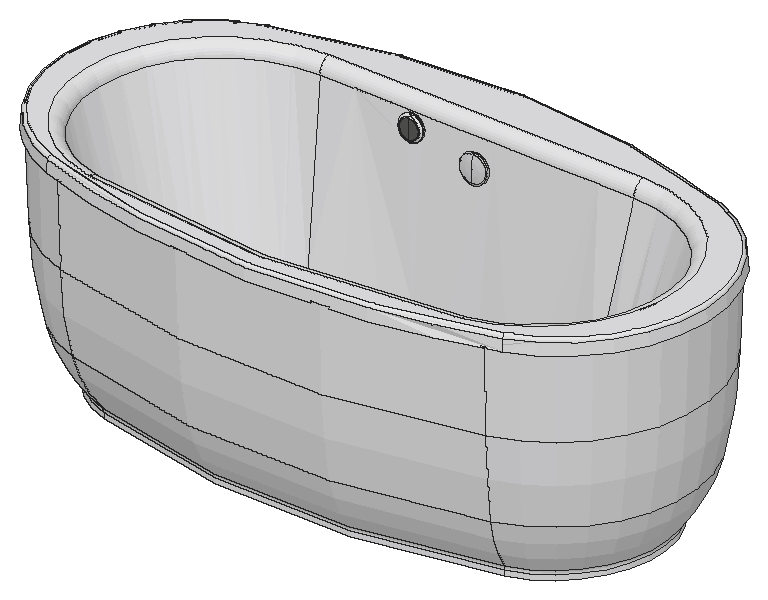
Revit family "Bath-Freestanding-Heated_Surface-KOHLER-Sunstruck-K-6369", category Plumbing Fixtures, host Face, Revit 2015
Parameters (values of type "0-White")
  Width = 35 1/2"  # constant formula
  Waste Water Outlet = "Waste Water Outlet"  # constant formula
  Waste Connection = 1 = 1  # yes
  Voltage = 120 V  # constant formula
  Vent Connection = 1 = 0  # no
  URL = "https://www.us.kohler.com/us/"
  Type = 1
  Pump Electrical Connector = "Pump Electrical Connector"  # constant formula
  Product Page URL = "http://www.us.kohler.com/us/catalog/productDetails.jsp?productNumber=6369-W1"
  Product Name = "Sunstruck"  # constant formula
  Product Documentation Link = "http://www.us.kohler.com/onlinecatalog/pdf/K-6369-W1_spec.pdf"
  Model = if(Type = 1, "K-6369-W1-0", if(Type = 2, "K-6369-W1-96", "NA"))  # "K-6369-W1-0"
  Material = "Acrylic"  # constant formula
  MasterFormat 2004 = "22.41.19"  # constant formula
  MasterFormat 1995 = "15410"  # constant formula
  Manufacturer Address = "444 Highland Dr, Kohler, WI 53044"  # constant formula
  Manufacturer = "KOHLER Co."  # constant formula
  Length = 65 1/2"  # constant formula
  Hot Water Inlet = "Hot Water Inlet"  # constant formula
  Height = 24 1/2"  # constant formula
  Heater Electrical Connector = "Heater Electrical Connector"  # constant formula
  HW Connection = 1 = 0  # no
  Finish = Kohler-Acrylic-0-White
  Environmental Product Declaration = ""
  Electrical Note = "One dedicated circuit required, protected with Class A Ground-Fault Circuit-Interrupter (GFCI) or Residual Current Device (RCD)"  # constant formula
  Electrical Connector = 1 = 1  # yes
  Drain Included = 1 = 0  # no
  Description = "66inch x 36inch oval freestanding bath with Bask heated surface and fluted shroud "  # constant formula
  Default Elevation = 0"
  Declare Label = ""
  Date Modified = "12/19/2018"  # constant formula
  Date Created = "12/19/2018"  # constant formula
  Copyright = "Copyright KOHLER Co."  # constant formula
  Contact Us = "https://www.us.kohler.com/us/static/contact.jsp"
  Cold Water Inlet = "Cold Water Inlet"  # constant formula
  CW Connection = 1 = 0  # no
  Blower Electrical Connector = "Blower Electrical Connector"  # constant formula
  Assembly Code = "D2010500"
  Apparent Load = 1800 VA  # constant formula
  Amplifier Electrical Connector = "Amplifier Electrical Connector"  # constant formula
  ADA Compliant = 1 = 0  # no
Types (3): name | Type | Model | Finish
  (no name) | 1 | "K-6369-W1-0" | Kohler-Acrylic-0-White
  0-White | 1 | "K-6369-W1-0" | Kohler-Acrylic-0-White
  96-Biscuit | 2 | "K-6369-W1-96" | Kohler-Acrylic-96-Biscuit
Reference planes (in)
  plane 1 "Center (Front/Back)": y = 0
  plane 2: z = 0
  plane 3 "Center (Left/Right)": x = 0
  plane 4: y = 17.75
  plane 5: y = -17.75
  plane 6: x = -32.75
  plane 7: x = 32.75
  plane 8: y = 11.6875
  plane 9: y = -1.75
  plane 10: z = 24.5
Dimensions and locks (in)
  "Length": plane 6 to plane 7
  "Width": plane 5 to plane 4
  plane 8 to plane 4 = 6 1/16"
  plane 9 to plane 4 = 19 1/2"
  "Height": plane 10 to plane 2
  aligned and locked: plane 2 to host face
  aligned and locked: level to host face
Automatic sketch dimensions
  host sketch curve to host sketch curve = 96"  (x2)
Nested families (in)
  nested 1: "K-6369-W1" at (0, 0, 0), type "K-6369-W1"
Connectors (in)
  piping at (0, -1.75, 2.16901), diameter 1.5, driven by "Waste Connection", driven by "Waste Water Outlet"
    settings: on nested 1, index 1, connector inside diameter 24", connector length 0", flow factor 0, pipe flow 0 GPM, pressure drop 0.00 psi, fitting loss kfactor 0, connector angle 0.00°, fixture units 0, engagement length 0", angle of deflection 0.00°, flow configuration 0, flow direction 2, fitting loss method 0, system type 16, joint type 0, gender type 0, connector reference index -1, connector utility 1, adjustable connector no, is connector primary yes, connector description "Waste Water Outlet"
  electrical at (-6.48092, 13.7669, 3.14819), driven by "Voltage", driven by "Apparent Load", driven by "Electrical Connector", driven by "Heater Electrical Connector"
    settings: on nested 1, index 2, voltage 120 V, apparent load 1800 VA, apparent load phase1 0 VA, apparent load phase2 0 VA, apparent load phase3 0 VA, power factor 1, load classification "Power", number of poles 1, system type 30, power factor state 1, is connector primary yes, connector utility yes, sub classification motor no, connector description "Heater Electrical Connector"
Definition of nested family "K-6369-W1"
  Parameters (values of type "K-6369-W1")
    Material = none
    Drain material = none
  Reference planes (in)
    plane 1 "Center (Front/Back)": y = 0
    plane 2: z = 0
    plane 3 "Center (Left/Right)": x = 0
    plane 4: x = 32.75
    plane 5: z = 24.5
    plane 6 "A": x = -6.48092
    plane 7: z = 24.5
    plane 8: x = -32.75
    plane 9: y = 17.75
    plane 10: y = -17.75
    plane 11: y = 11.6875
    plane 12: y = -1.75
  Forms (in)
    Sweep 1, solid, material <- "Material", detail levels medium+fine
      path origin (0, -0.04277, 0) x (1, 0, 0) y (0, 1, 0)
        loop
          arc (21.72661, -14.69696) -> (32.60257, 0.04277) -> (21.72661, 14.78251) r 15.42605
          arc (21.72661, 14.78251) -> (-0.02801, 18.06389) -> (-21.78263, 14.78251) r 73.75415
          arc (-21.78263, 14.78251) -> (-32.6586, 0.04277) -> (-21.78263, -14.69696) r 15.42605
          arc (-21.78263, -14.69696) -> (-0.02801, -17.97834) -> (21.72661, -14.69696) r 73.75415
      profile origin (-0.02801, -18.02111, 0) x (0, -1, 0) y (0, 0, 1)
        loop
          line (-0.4345, 23.13802) -> (-0.93475, 23.13802) -> (-1.19445, 14.90118)
          arc (-1.19445, 14.90118) -> (-1.54469, 10.74957) -> (-2.32929, 6.65776) r 39.58955
          arc (-2.32929, 6.65776) -> (-3.33144, 3.94972) -> (-4.91176, 1.53304) r 12.87836
          arc (-4.91176, 1.53304) -> (-5.131, 1.14887) -> (-5.20709, 0.71314) r 1.28578
          line (-5.20709, 0.71314) -> (-5.20709, 0) -> (-4.88474, 0) -> (-4.88474, 0.51602)
          arc (-4.88474, 0.51602) -> (-4.83773, 0.77736) -> (-4.7026, 1.00595) r 0.75
          arc (-4.7026, 1.00595) -> (-2.9469, 3.60328) -> (-1.84387, 6.53789) r 13.37836
          arc (-1.84387, 6.53789) -> (-1.04936, 10.68138) -> (-0.6947, 14.88542) r 40.08955
          line (-0.6947, 14.88542) -> (-0.4345, 23.13802)
    Sweep 2, solid, material <- "Material", detail levels medium+fine
      path origin (0, -0.31152, 0) x (1, 0, 0) y (0, 1, 0)
        loop
          arc (-23.11404, -13.59407) -> (0, -17.43849) -> (23.11404, -13.59407) r 71.40724
          arc (23.11404, -13.59407) -> (32.75, 0.31152) -> (23.11404, 14.21712) r 14.85153
          arc (23.11404, 14.21712) -> (0, 18.06154) -> (-23.11404, 14.21712) r 71.40724
          arc (-23.11404, 14.21712) -> (-32.75, 0.31152) -> (-23.11404, -13.59407) r 14.85153
      profile origin (0, -17.75002, 0) x (0, 1, 0) y (0, 0, 1)
        loop
          line (0.00002, 23.01054) -> (0.11383, 23.01054) -> (0.2108, 24.11893)
          arc (0.2108, 24.11893) -> (0.29095, 24.28146) -> (0.45985, 24.34714) r 0.25
          line (0.45985, 24.34714) -> (0.61532, 24.34714) -> (0.61532, 24.5) -> (0.45098, 24.5)
          arc (0.45098, 24.5) -> (0.21457, 24.40807) -> (0.10238, 24.18057) r 0.34993
          line (0.10238, 24.18057) -> (0.00002, 23.01054)
    Sweep 3, solid, material <- "Material", detail levels medium+fine
      path origin (-0.65125, 0.37045, 0) x (1, 0, 0) y (0, 1, 0)
        loop
          arc (-13.80583, -12.20259) -> (0.30466, -13.64071) -> (14.40809, -12.13485) r 68.33389
          arc (14.40809, -12.13485) -> (22.61849, -2.05633) -> (14.545, 8.13219) r 10.37734
          arc (14.545, 8.13219) -> (0.24308, 9.71884) -> (-14.04948, 8.05002) r 63.60432
          arc (-14.04948, 8.05002) -> (-22.05987, -2.17412) -> (-13.80583, -12.20259) r 10.37154
      profile origin (-0.34659, -13.27026, 0) x (-0.002401, 0.999997, 0) y (0, 0, 1)
        loop
          line (-0.24, 6.51001) -> (-0.57074, 6.51001)
          arc (-0.57074, 6.51001) -> (0.5314, 4.46811) -> (2.71442, 3.68166) r 3.25
          line (2.71442, 3.68166) -> (3.01867, 3.68166) -> (3.01867, 4.03096) -> (2.71442, 4.03096)
          arc (2.71442, 4.03096) -> (0.78606, 4.73282) -> (-0.24, 6.51001) r 3
    Revolve 4, solid, material <- "Drain material", detail levels medium+fine
      sketch origin (0, -1.53027, -0.00106) x (0, 1, 0) y (0, 0, 1)
        loop
          line (13.43649, 20.42625) -> (12.55971, 20.48756)
          arc (12.55971, 20.48756) -> (12.54804, 19.82068) -> (12.6107, 19.15665) r 5.98011
          arc (12.6107, 19.15665) -> (12.6367, 19.1057) -> (12.68808, 19.08057) r 0.09037
          line (12.68808, 19.08057) -> (13.2483, 19.00565) -> (13.25711, 19.11625)
          arc (13.25711, 19.11625) -> (13.26951, 19.14061) -> (13.2958, 19.14811) r 0.03422
          line (13.2958, 19.14811) -> (13.34664, 19.14131) -> (13.43649, 20.42625)
        axis (12.55971, 20.48756) -> (13.43649, 20.42625)
      angle from 0 to 360
    Revolve 5, solid, material <- "Material", detail levels medium+fine
      sketch origin (0, 0, 0.0625) x (0, 1, 0) y (0, 0, 1)
        loop
          line (-1.75, 3.61916) -> (-1.75, 2.10651) -> (-1, 2.10651) -> (-1, 1.93586) -> (-0.80456, 1.93586) -> (-0.80456, 3.18586) -> (-0.44439, 3.18586)
          arc (-0.44439, 3.18586) -> (-0.27573, 3.2194) -> (-0.13275, 3.31494) r 0.44072
          line (-0.13275, 3.31494) -> (0.09371, 3.5414)
          arc (0.09371, 3.5414) -> (0.17783, 3.59812) -> (0.27708, 3.61916) r 0.2656
          line (0.27708, 3.61916) -> (-1.75, 3.61916)
        axis (-1.75, 3.61916) -> (-1.75, 1.93586)
      angle from 0 to 360
    Sweep 6, solid, material <- "Material", detail levels medium+fine
      path origin (0, 0, 0) x (1, 0, 0) y (0, 1, 0)
        loop
          arc (-15.91994, 11.6875) -> (-28.29768, 0.47984) -> (-18.37017, -12.94642) r 12.43882
          arc (-18.37017, -12.94642) -> (0.12996, -14.68833) -> (18.58936, -12.55759) r 89.15619
          arc (18.58936, -12.55759) -> (28.11574, 0.76078) -> (15.91994, 11.6875) r 12.2695
          line (15.91994, 11.6875) -> (-15.91994, 11.6875)
      profile origin (0, 11.6875, 0) x (0, 1, 0) y (0, 0, 1)
        loop
          line (0.003, 23.24357) -> (0.33352, 23.24357)
          arc (0.33352, 23.24357) -> (0.68246, 24.02627) -> (1.47708, 24.34717) r 1.14428
          line (1.47708, 24.34717) -> (1.56336, 24.34717) -> (1.56336, 24.5) -> (1.27278, 24.5)
          arc (1.27278, 24.5) -> (0.37961, 24.1328) -> (0.003, 23.24357) r 1.26985
    Revolve 7, solid, material <- "Material", detail levels medium+fine
      sketch origin (-6.48092, -0.875, -0.04794) x (0, -1, 0) y (0, 0, 1)
        loop
          line (-12.3897, 23.13673) -> (-12.73416, 23.13673) -> (-12.66577, 21.84664) -> (-12.35592, 21.86307) -> (-12.40865, 22.85769) -> (-12.10825, 22.85769) -> (-12.10825, 22.89457)
          arc (-12.10825, 22.89457) -> (-12.11502, 22.91632) -> (-12.13295, 22.93038) r 0.03831
          arc (-12.13295, 22.93038) -> (-12.26362, 23.0067) -> (-12.36238, 23.12135) r 0.45913
          arc (-12.36238, 23.12135) -> (-12.37402, 23.13262) -> (-12.3897, 23.13673) r 0.03195
        axis (-12.05441, 21.87905) -> (-12.66577, 21.84664)
      angle from 0 to 360
    Revolve 8, solid, material <- "Drain material", detail levels medium+fine
      sketch origin (0, 0, 0) x (0, 1, 0) y (0, 0, 1)
        loop
          line (-1.75, 4.26235) -> (-1.75, 3.6439) -> (-0.38603, 3.6439) -> (0.06408, 4.04918)
          arc (0.06408, 4.04918) -> (0.07462, 4.09307) -> (0.03742, 4.11864) r 0.03984
          line (0.03742, 4.11864) -> (-0.18329, 4.11864)
          arc (-0.18329, 4.11864) -> (-0.24703, 4.10596) -> (-0.30106, 4.06985) r 0.16655
          line (-0.30106, 4.06985) -> (-0.40243, 3.96848)
          arc (-0.40243, 3.96848) -> (-0.45783, 3.93146) -> (-0.52319, 3.91846) r 0.17077
          line (-0.52319, 3.91846) -> (-1.20094, 3.91846) -> (-1.20094, 4.0675) -> (-0.40256, 4.0675)
          arc (-0.40256, 4.0675) -> (-0.37983, 4.07691) -> (-0.37042, 4.09963) r 0.03214
          line (-0.37042, 4.09963) -> (-0.37042, 4.14469)
          arc (-0.37042, 4.14469) -> (-0.37787, 4.16436) -> (-0.39647, 4.17416) r 0.02969
          arc (-0.39647, 4.17416) -> (-1.07196, 4.23785) -> (-1.75, 4.26235) r 11.72048
        axis (-1.75, 4.26235) -> (-1.75, 3.6439)
      angle from 0 to 360
    Revolve 9, solid, detail levels medium+fine
      sketch origin (-6.48092, -0.875, -0.04794) x (0, -1, 0) y (0, 0, 1)
        loop
          line (-12.05449, 21.87904) -> (-12.10576, 22.84617) -> (-12.37883, 22.84617) -> (-12.3268, 21.86461) -> (-12.05449, 21.87904)
        axis (-12.05449, 21.87904) -> (-12.3268, 21.86461)
      angle from 0 to 360
    Extrusion 10, solid, material <- "Material", detail levels medium+fine
      sketch origin (0, 0, 0) x (1, 0, 0) y (0, 1, 0)
        loop
          arc (-22.9063, 13.32634) -> (-32.13468, 0) -> (-22.9063, -13.32634) r 14.23621
          arc (-22.9063, -13.32634) -> (0, -17.1347) -> (22.9063, -13.32634) r 70.79193
          arc (22.9063, -13.32634) -> (32.13468, 0) -> (22.9063, 13.32634) r 14.23621
          arc (22.9063, 13.32634) -> (0, 17.1347) -> (-22.9063, 13.32634) r 70.79193
        loop
          line (15.91994, 13.25086) -> (-15.91994, 13.25086)
          arc (-15.91994, 13.25086) -> (-29.85336, 0.63458) -> (-18.67813, -14.47915) r 14.00218
          arc (-18.67813, -14.47915) -> (0.14641, -16.2516) -> (18.9295, -14.0835) r 90.71954
          arc (18.9295, -14.0835) -> (29.66971, 0.93187) -> (15.91994, 13.25086) r 13.83286
      from 24.34714 to 24.5
    Blend 11, solid, material <- "Material", detail levels medium+fine
      base sketch origin (0, 0, 0) x (1, 0, 0) y (0, 1, 0)
        loop
          arc (-14.57357, -12.39087) -> (-0.34522, -13.841) -> (13.876, -12.32256) r 68.90463
          arc (13.876, -12.32256) -> (22.53797, -1.68973) -> (14.02044, 9.05914) r 10.94807
          arc (14.02044, 9.05914) -> (-0.40981, 10.66002) -> (-14.83062, 8.97623) r 64.17506
          arc (-14.83062, 8.97623) -> (-23.28182, -1.81054) -> (-14.57357, -12.39087) r 10.94228
      top sketch origin (0, 0, 0) x (1, 0, 0) y (0, 1, 0)
        loop
          arc (18.66192, -12.88312) -> (28.44726, 0.79728) -> (15.91994, 12.02102) r 12.60302
          line (15.91994, 12.02102) -> (-15.91994, 12.02102)
          arc (-15.91994, 12.02102) -> (-28.62956, 0.51285) -> (-18.43587, -13.27341) r 12.77234
          arc (-18.43587, -13.27341) -> (0.13347, -15.02183) -> (18.66192, -12.88312) r 89.48971
      from 6.51001 to 23.24357
    Blend 12, void
      base sketch origin (0, 0, 0) x (1, 0, 0) y (0, 1, 0)
        loop
          arc (13.80695, -11.99911) -> (22.20724, -1.6875) -> (13.94702, 8.73666) r 10.61734
          arc (13.94702, 8.73666) -> (-0.40886, 10.32929) -> (-14.75535, 8.65417) r 63.84432
          arc (-14.75535, 8.65417) -> (-22.9511, -1.80656) -> (-14.50607, -12.06709) r 10.61154
          arc (-14.50607, -12.06709) -> (-0.34601, -13.51026) -> (13.80695, -11.99911) r 68.5739
      top sketch origin (0, 0, 0) x (1, 0, 0) y (0, 1, 0)
        loop
          arc (-15.91994, 11.6905) -> (-28.30066, 0.48014) -> (-18.37077, -12.94936) r 12.44182
          arc (-18.37077, -12.94936) -> (0.13, -14.69133) -> (18.59001, -12.56052) r 89.15918
          arc (18.59001, -12.56052) -> (28.11872, 0.7611) -> (15.91994, 11.6905) r 12.2725
          line (15.91994, 11.6905) -> (-15.91994, 11.6905)
      from 6.51001 to 23.24357
    Extrusion 13, solid, material <- "Material", detail levels medium+fine
      sketch origin (0, 0, 0) x (1, 0, 0) y (0, 1, 0)
        loop
          arc (-14.01373, 5.48102) -> (-19.69267, -1.76736) -> (-13.841, -8.87701) r 7.35287
          arc (-13.841, -8.87701) -> (-0.35384, -10.2516) -> (13.12657, -8.81227) r 65.31523
          arc (13.12657, -8.81227) -> (18.94865, -1.66549) -> (13.22365, 5.55929) r 7.35867
          arc (13.22365, 5.55929) -> (-0.3995, 7.07063) -> (-14.01373, 5.48102) r 60.58565
      from 3.68166 to 4.03096
    Revolve 14, void
      sketch origin (0, 0, 0) x (0, 1, 0) y (0, 0, 1)
        loop
          line (-1.75, 3.59695) -> (-0.44323, 3.59695)
          arc (-0.44323, 3.59695) -> (-0.37132, 3.61126) -> (-0.31035, 3.65199) r 0.18792
          line (-0.31035, 3.65199) -> (-0.1023, 3.86005)
          arc (-0.1023, 3.86005) -> (0.08701, 3.98654) -> (0.31031, 4.03096) r 0.58351
          line (0.31031, 4.03096) -> (-1.75, 4.03096) -> (-1.75, 3.59695)
        axis (-1.75, 3.59695) -> (-1.75, 4.03096)
      angle from 0 to 360
    Extrusion 15, solid, material <- "Material", detail levels medium+fine
      sketch origin (0, 0, 0) x (1, 0, 0) y (0, 1, 0)
        loop
          line (1.90491, -7.35311) -> (1.90491, 4.84189) -> (3.58491, 6.52189) -> (8.15491, 6.52189)
          arc (8.15491, 6.52189) -> (10.02991, 8.39689) -> (8.15491, 10.27189) r 1.875
          line (8.15491, 10.27189) -> (1.90491, 10.27189) -> (1.90491, 10.55317)
          arc (1.90491, 10.55317) -> (0, 12.45809) -> (-1.90491, 10.55317) r 1.90491
          line (-1.90491, 10.55317) -> (-1.90491, 10.27189) -> (-8.15491, 10.27189)
          arc (-8.15491, 10.27189) -> (-10.02991, 8.39689) -> (-8.15491, 6.52189) r 1.875
          line (-8.15491, 6.52189) -> (-3.58491, 6.52189) -> (-1.90491, 4.84189) -> (-1.90491, -7.35311)
          arc (-1.90491, -7.35311) -> (0, -9.25802) -> (1.90491, -7.35311) r 1.90491
        loop
          arc (20.19072, -9.76431) -> (27.39549, 0) -> (20.19072, 9.76431) r 10.21896
          arc (20.19072, 9.76431) -> (-0.02801, 12.81403) -> (-20.24675, 9.76431) r 68.54706
          arc (-20.24675, 9.76431) -> (-27.45151, 0) -> (-20.24675, -9.76431) r 10.21896
          arc (-20.24675, -9.76431) -> (-0.02801, -12.81403) -> (20.19072, -9.76431) r 68.54706
      from 0 to 0.2482
    Extrusion 16, solid, material <- "Material", detail levels medium+fine
      sketch origin (0, 0, 0) x (1, 0, 0) y (0, 0, 1)
        loop
          circle (-6.48092, 3.14819) r 0.25
      from -13.7669 to -13.54994
    Extrusion 17, solid, material <- "Material", detail levels coarse
      sketch origin (0, 0, 0) x (1, 0, 0) y (0, 1, 0)
        loop
          arc (23.11404, 13.9056) -> (0, 17.75002) -> (-23.11404, 13.9056) r 71.40724
          arc (-23.11404, 13.9056) -> (-32.75, 0) -> (-23.11404, -13.9056) r 14.85153
          arc (-23.11404, -13.9056) -> (0, -17.75002) -> (23.11404, -13.9056) r 71.40724
          arc (23.11404, -13.9056) -> (32.75, 0) -> (23.11404, 13.9056) r 14.85153
      from 0 to 24.5
    Blend 18, void
      base sketch origin (0, 0, 0) x (1, 0, 0) y (0, 1, 0)
        loop
          arc (-14.50607, -12.06709) -> (-0.34601, -13.51026) -> (13.80695, -11.99911) r 68.5739
          arc (13.80695, -11.99911) -> (22.20724, -1.6875) -> (13.94702, 8.73666) r 10.61734
          arc (13.94702, 8.73666) -> (-0.40886, 10.32929) -> (-14.75535, 8.65417) r 63.84432
          arc (-14.75535, 8.65417) -> (-22.9511, -1.80656) -> (-14.50607, -12.06709) r 10.61154
      top sketch origin (0, 0, 0) x (1, 0, 0) y (0, 1, 0)
        loop
          arc (-18.37077, -12.94936) -> (0.13, -14.69133) -> (18.59001, -12.56052) r 89.15918
          arc (18.59001, -12.56052) -> (28.11872, 0.7611) -> (15.91994, 11.6905) r 12.2725
          line (15.91994, 11.6905) -> (-15.91994, 11.6905)
          arc (-15.91994, 11.6905) -> (-28.30066, 0.48014) -> (-18.37077, -12.94936) r 12.44182
      from 3.6439 to 24.5
  Cuts and joins
    joined: Revolve 4, Revolve 8
    Revolve 14 cuts Revolve 5
    Blend 12 cuts Blend 11
    Revolve 14 cuts Extrusion 13
    joined: Sweep 2, Sweep 3, Revolve 5, Sweep 6, Revolve 7, Extrusion 10, Blend 11, Extrusion 13
    Blend 18 cuts Extrusion 17
    joined: Sweep 1, Extrusion 15
  Lines and regions (in)
    Masking region 1
      outline origin (0, 0, 0) x (1, 0, 0) y (0, 0, 1)
        loop
          arc (-32.29809, 24.5) -> (-32.53519, 24.4078) -> (-32.6477, 24.17964) r 0.35095
          line (-32.6477, 24.17964) -> (-32.74998, 23.01054) -> (-32.22183, 23.01054) -> (-31.95938, 14.68859)
          arc (-31.95938, 14.68859) -> (-31.87816, 13.17334) -> (-31.73033, 11.66313) r 34.46297
          arc (-31.73033, 11.66313) -> (-31.3294, 8.98638) -> (-30.77354, 6.33746) r 46.54007
          arc (-30.77354, 6.33746) -> (-29.72872, 3.56777) -> (-28.03212, 1.14201) r 11.89048
          arc (-28.03212, 1.14201) -> (-27.84065, 0.83067) -> (-27.77386, 0.47132) r 1
          line (-27.77386, 0.47132) -> (-27.77386, 0) -> (27.77386, 0) -> (27.77386, 0.47132)
          arc (27.77386, 0.47132) -> (27.84065, 0.83067) -> (28.03212, 1.14201) r 1
          arc (28.03212, 1.14201) -> (29.72872, 3.56777) -> (30.77354, 6.33746) r 11.89048
          arc (30.77354, 6.33746) -> (31.3294, 8.98638) -> (31.73033, 11.66313) r 46.54007
          arc (31.73033, 11.66313) -> (31.87816, 13.17334) -> (31.95938, 14.68859) r 34.46297
          line (31.95938, 14.68859) -> (32.22183, 23.01054) -> (32.74998, 23.01054) -> (32.6477, 24.17964)
          arc (32.6477, 24.17964) -> (32.53519, 24.4078) -> (32.29809, 24.5) r 0.35095
          line (32.29809, 24.5) -> (-32.29809, 24.5)
    Masking region 2
      outline origin (0, -0.32863, 0) x (0, 1, 0) y (0, 0, 1)
        loop
          line (17.62673, 24.5) -> (-16.96948, 24.5)
          arc (-16.96948, 24.5) -> (-17.20658, 24.4078) -> (-17.31909, 24.17964) r 0.35095
          line (-17.31909, 24.17964) -> (-17.42137, 23.01054) -> (-17.2526, 23.01054) -> (-16.96993, 14.04774)
          arc (-16.96993, 14.04774) -> (-16.52403, 9.61633) -> (-15.47486, 5.28788) r 32.4127
          arc (-15.47486, 5.28788) -> (-14.48668, 3.05092) -> (-13.03645, 1.08183) r 11.19792
          arc (-13.03645, 1.08183) -> (-12.86695, 0.81036) -> (-12.80775, 0.49585) r 0.86506
          line (-12.80775, 0.49585) -> (-12.80775, 0) -> (13.465, 0) -> (13.465, 0.49585)
          arc (13.465, 0.49585) -> (13.5242, 0.81036) -> (13.6937, 1.08183) r 0.86506
          arc (13.6937, 1.08183) -> (15.14393, 3.05092) -> (16.13211, 5.28788) r 11.19792
          arc (16.13211, 5.28788) -> (17.18128, 9.61633) -> (17.62718, 14.04774) r 32.4127
          line (17.62718, 14.04774) -> (17.90985, 23.01054) -> (18.07863, 23.01054) -> (17.97634, 24.17964)
          arc (17.97634, 24.17964) -> (17.86383, 24.4078) -> (17.62673, 24.5) r 0.35095
    Masking region 3
      outline origin (0, 0, 0) x (1, 0, 0) y (0, 1, 0)
        loop
          arc (-23.11404, -13.9056) -> (0, -17.75002) -> (23.11404, -13.9056) r 71.40724
          arc (23.11404, -13.9056) -> (32.75, 0) -> (23.11404, 13.9056) r 14.85153
          arc (23.11404, 13.9056) -> (0, 17.75002) -> (-23.11404, 13.9056) r 71.40724
          arc (-23.11404, 13.9056) -> (-32.75, 0) -> (-23.11404, -13.9056) r 14.85153
    symbolic lines, detail levels medium+fine
      curve 1: line (-32.22183, 0, 23.01054) -> (32.22183, 0, 23.01054)
      curve 2: line (-27.77696, 0, 0.55003) -> (27.77696, 0, 0.55003)
      curve 3: line (0, 17.58122, 23.01054) -> (0, -17.58122, 23.01054)
      curve 4: line (0, 13.13638, 0.55003) -> (0, -13.13807, 0.55003)
      curve 5: arc (-18.37077, -12.94936, 0) -> (-28.30066, 0.48014, 0) -> (-15.91994, 11.6905, 0) r 12.44182
      curve 6: arc (18.59001, -12.56052, 0) -> (0.13, -14.69133, 0) -> (-18.37077, -12.94936, 0) r 89.15918
      curve 7: arc (15.91994, 11.6905, 0) -> (28.11872, 0.7611, 0) -> (18.59001, -12.56052, 0) r 12.2725
      curve 8: line (-15.91994, 11.6905, 0) -> (15.91994, 11.6905, 0)
      curve 9: arc (-14.75535, 8.65417, 0) -> (-0.40886, 10.32929, 0) -> (13.94702, 8.73666, 0) r 63.84432
      curve 10: arc (-14.50607, -12.06709, 0) -> (-22.9511, -1.80656, 0) -> (-14.75535, 8.65417, 0) r 10.61154
      curve 11: arc (13.80695, -11.99911, 0) -> (-0.34601, -13.51026, 0) -> (-14.50607, -12.06709, 0) r 68.5739
      curve 12: arc (13.94702, 8.73666, 0) -> (22.20724, -1.6875, 0) -> (13.80695, -11.99911, 0) r 10.61734
      curve 13: circle (0, -1.75, 0) r 2.02708 normal (0, 0, -1)
      curve 14: circle (0, -1.75, 0) r 1.36397 normal (0, 0, -1)
      curve 15: spline (-5.50081, 11.17982, 0) -> (-5.5342, 11.19337, 0) -> (-5.63212, 11.206, 0) -> (-5.78788, 11.21685, 0) -> (-5.99086, 11.22517, 0) -> (-6.22725, 11.2304, 0) -> (-6.48092, 11.23219, 0) -> (-6.7346, 11.2304, 0) -> (-6.97098, 11.22517, 0) -> (-7.17397, 11.21685, 0) -> (-7.32973, 11.206, 0) -> (-7.42764, 11.19337, 0) -> (-7.46104, 11.17982, 0) -> (-7.42764, 11.16627, 0) -> (-7.32973, 11.15364, 0) -> (-7.17397, 11.14279, 0) -> (-6.97098, 11.13447, 0) -> (-6.7346, 11.12924, 0) -> (-6.48092, 11.12745, 0) -> (-6.22725, 11.12924, 0) -> (-5.99086, 11.13447, 0) -> (-5.78788, 11.14279, 0) -> (-5.63212, 11.15364, 0) -> (-5.5342, 11.16627, 0) -> (-5.50081, 11.17982, 0)
      curve 16: spline (-5.46398, 11.17982, 0) -> (-5.49863, 11.19337, 0) -> (-5.60024, 11.206, 0) -> (-5.76188, 11.21685, 0) -> (-5.97252, 11.22517, 0) -> (-6.21782, 11.2304, 0) -> (-6.48107, 11.23219, 0) -> (-6.74431, 11.2304, 0) -> (-6.98961, 11.22517, 0) -> (-7.20026, 11.21685, 0) -> (-7.36189, 11.206, 0) -> (-7.4635, 11.19337, 0) -> (-7.49816, 11.17982, 0) -> (-7.4635, 11.16627, 0) -> (-7.36189, 11.15364, 0) -> (-7.20026, 11.14279, 0) -> (-6.98961, 11.13447, 0) -> (-6.74431, 11.12924, 0) -> (-6.48107, 11.12745, 0) -> (-6.21782, 11.12924, 0) -> (-5.97252, 11.13447, 0) -> (-5.76188, 11.14279, 0) -> (-5.60024, 11.15364, 0) -> (-5.49863, 11.16627, 0) -> (-5.46398, 11.17982, 0)
      curve 17: line (-7.75939, 11.5375, 0) -> (-7.75455, 11.44849, 0)
      curve 18: spline (-5.20245, 11.5375, 0) -> (-5.24601, 11.57315, 0) -> (-5.37373, 11.60637, 0) -> (-5.57691, 11.63489, 0) -> (-5.84169, 11.65678, 0) -> (-6.15003, 11.67054, 0) -> (-6.48092, 11.67523, 0) -> (-6.81182, 11.67054, 0) -> (-7.12016, 11.65678, 0) -> (-7.38494, 11.63489, 0) -> (-7.58811, 11.60637, 0) -> (-7.71583, 11.57315, 0) -> (-7.75939, 11.5375, 0)
      curve 19: arc (-7.73354, 11.41593, 0) -> (-7.6196, 11.33, 0) -> (-7.53975, 11.21173, 0) r 0.43339
      curve 20: arc (-7.75455, 11.44849, 0) -> (-7.74836, 11.42942, 0) -> (-7.73354, 11.41593, 0) r 0.03909
      curve 21: arc (-7.53975, 11.21173, 0) -> (-7.50569, 11.1748, 0) -> (-7.45642, 11.16497, 0) r 0.08119
      curve 22: spline (-7.46104, 11.17982, 0) -> (-7.42764, 11.19337, 0) -> (-7.32973, 11.206, 0) -> (-7.17397, 11.21685, 0) -> (-6.97098, 11.22517, 0) -> (-6.7346, 11.2304, 0) -> (-6.48092, 11.23219, 0) -> (-6.22725, 11.2304, 0) -> (-5.99086, 11.22517, 0) -> (-5.78788, 11.21685, 0) -> (-5.63212, 11.206, 0) -> (-5.5342, 11.19337, 0) -> (-5.50081, 11.17982, 0) -> (-5.5342, 11.16627, 0) -> (-5.63212, 11.15364, 0) -> (-5.78788, 11.14279, 0) -> (-5.99086, 11.13447, 0) -> (-6.22725, 11.12924, 0) -> (-6.48092, 11.12745, 0) -> (-6.7346, 11.12924, 0) -> (-6.97098, 11.13447, 0) -> (-7.17397, 11.14279, 0) -> (-7.32973, 11.15364, 0) -> (-7.42764, 11.16627, 0) -> (-7.46104, 11.17982, 0)
      curve 23: line (-5.20245, 11.5375, 0) -> (-5.2073, 11.44849, 0)
      curve 24: arc (-5.22831, 11.41593, 0) -> (-5.34225, 11.33, 0) -> (-5.4221, 11.21173, 0) r 0.43339
      curve 25: arc (-5.2073, 11.44849, 0) -> (-5.21348, 11.42942, 0) -> (-5.22831, 11.41593, 0) r 0.03909
      curve 26: arc (-5.4221, 11.21173, 0) -> (-5.45623, 11.17475, 0) -> (-5.5056, 11.16499, 0) r 0.08119
      curve 27: spline (1.41532, 11.58219, 0) -> (1.32696, 11.60503, 0) -> (1.164, 11.62577, 0) -> (0.93559, 11.64326, 0) -> (0.65457, 11.6565, 0) -> (0.33675, 11.66476, 0) -> (0, 11.66757, 0) -> (-0.33675, 11.66476, 0) -> (-0.65457, 11.6565, 0) -> (-0.93559, 11.64326, 0) -> (-1.164, 11.62577, 0) -> (-1.32696, 11.60503, 0) -> (-1.41532, 11.58219, 0)
      curve 28: line (-1.41532, 11.58219, 0) -> (-1.3947, 11.25732, 0)
      curve 29: arc (-1.30786, 11.15618, 0) -> (0, 11.01489, 0) -> (1.30786, 11.15618, 0) r 6.12378
      curve 30: arc (-1.3947, 11.25732, 0) -> (-1.36821, 11.19222, 0) -> (-1.30786, 11.15618, 0) r 0.11071
      curve 31: line (1.41532, 11.58219, 0) -> (1.3947, 11.25732, 0)
      curve 32: arc (1.3947, 11.25732, 0) -> (1.36821, 11.19222, 0) -> (1.30786, 11.15618, 0) r 0.11071
  Dimensions and locks (in)
    plane 5 to level = 24 1/2"
    plane 7 to level = 24 1/2"
    equal spacing: plane 8, plane 3 "Center (Left/Right)", plane 4
    locked: plane 8 to plane 4 at 65.5
    locked: plane 10 to plane 9 at 35.5
    equal spacing: plane 9, plane 1 "Center (Front/Back)", plane 10
    locked: plane 9 to plane 11 at 6.0625
    plane 9 to plane 12 = 19 1/2"
    aligned and locked: plane 2 to level
  Automatic sketch dimensions
    curve 13 to curve 14 = 0"  (x2)
    curve 18 to plane 6 "A" = 0"
    curve 29 to plane 3 "Center (Left/Right)" = 0"
    curve 13 to plane 3 "Center (Left/Right)" = 0"
    curve 27 to plane 3 "Center (Left/Right)" = 0"
    curve 21 to plane 11 = 0.4419"
    plane 6 "A" to curve 21 = 0.98503"
    curve 20 to curve 21 = 0.24956"
    curve 17 to plane 11 = 0.23901"
    curve 17 to curve 20 = 0.03903"
    curve 17 to plane 11 = 0.15"
    curve 17 to curve 20 = 0.00485"
    curve 19 to curve 17 = 0.17941"
    plane 6 "A" to curve 10 = 5.85941"
    plane 1 "Center (Front/Back)" to curve 5 = 0.75132"
    curve 5 to curve 10 = 3.57961"
    curve 26 to curve 18 = 0.29344"
    curve 25 to curve 18 = 0.04388"
    curve 23 to plane 11 = 0.23901"
    curve 25 to curve 23 = 0.03903"
    curve 25 to curve 24 = 0.17941"
    curve 28 to plane 11 = 0.10531"
    curve 28 to plane 3 "Center (Left/Right)" = 1.41532"
    curve 28 to plane 11 = 0.43018"
    curve 27 to curve 28 = 0.02062"
    curve 28 to curve 30 = 0.11048"
    curve 6 to plane 3 "Center (Left/Right)" = 0.80795"
    curve 11 to plane 3 "Center (Left/Right)" = 0.51065"
    curve 9 to plane 3 "Center (Left/Right)" = 0.22538"
    curve 32 to plane 11 = 0.42317"
    plane 3 "Center (Left/Right)" to curve 32 = 1.28421"
    curve 31 to plane 11 = 0.43018"
    curve 32 to curve 31 = 0.11048"
    curve 31 to plane 11 = 0.10531"
    plane 1 "Center (Front/Back)" to curve 7 = 0.582"
    curve 12 to curve 7 = 4.3298"
    plane 10 to curve 9 = 35.76477"
    curve 24 to curve 25 = 0.41683"
    curve 19 to curve 17 = 0.41682"
    curve 26 to curve 23 = 0.20289"
    curve 28 to curve 30 = 0.00701"
    curve 23 to curve 25 = 0.00213"
    curve 20 to curve 20 = 0.00213"
    curve 23 to curve 18 = 0"
    plane 11 to curve 8 = 0.003"
    curve 29 to plane 9 = 0.61132"
    plane 9 to curve 11 = 37.31344"
    curve 11 to curve 6 = 19.39949"
    plane 6 "A" to curve 22 = 0"
    curve 16 to curve 22 = 0.00014"
    curve 21 to curve 21 = 0.00954"
    curve 22 to curve 21 = 0.00462"
    curve 19 to curve 21 = 0.07379"
    curve 17 to curve 20 = 0.02101"
    curve 5 to curve 10 = 3.8647"
    curve 11 to curve 10 = 0"
    curve 9 to curve 10 = 0"
    curve 6 to curve 5 = 0"
    curve 15 to plane 6 "A" = 0"
    curve 26 to curve 26 = 0.00971"
    curve 26 to curve 15 = 0.0048"
    curve 15 to curve 16 = 0.03683"
    curve 16 to curve 24 = 0.04188"
    curve 24 to curve 23 = 0.02101"
    curve 27 to curve 27 = 0.01495"
    curve 29 to curve 30 = 0"
    curve 12 to curve 11 = 0"
    curve 16 to curve 15 = 0"
    curve 21 to curve 22 = 0.01485"
    curve 27 to plane 11 = 0.1197"
    plane 1 "Center (Front/Back)" to Sweep 1 sketch curve = 0"  (x2)
    plane 6 "A" to Sweep 1 sketch curve = 10.75162"
    Sweep 1 sketch curve to plane 3 "Center (Left/Right)" = 0.02801"  (x2)
    plane 10 to Sweep 1 sketch curve = 37.98303"
    plane 9 to Sweep 1 sketch curve = 37.98303"
    Sweep 1 sketch curve to plane 9 = 3.01027"
    Sweep 1 sketch curve to Sweep 1 sketch curve = 0"  (x9)
    plane 1 "Center (Front/Back)" to Sweep 2 sketch curve = 0"  (x2)
    Sweep 2 sketch curve to plane 3 "Center (Left/Right)" = 0"  (x2)
    plane 6 "A" to Sweep 2 sketch curve = 11.41755"
    plane 10 to Sweep 2 sketch curve = 35.90723"
    plane 9 to Sweep 2 sketch curve = 35.90723"
    plane 11 to Sweep 2 sketch curve = 2.2181"
    plane 8 to Sweep 2 sketch curve = 9.63596"
    Sweep 2 sketch curve to plane 10 = 3.8444"  (x2)
    Sweep 2 sketch curve to profile plane = 0"
    Sweep 2 sketch curve to profile plane = 0.10238"
    Sweep 2 sketch curve to Sweep 2 sketch curve = 0.11381"
    Sweep 2 sketch curve to Sweep 2 sketch curve = 0.10842"
    Sweep 2 sketch curve to Sweep 2 sketch curve = 0.24018"
    Sweep 2 sketch curve to Sweep 2 sketch curve = 0.00887"
    Sweep 2 sketch curve to Sweep 2 sketch curve = 0.16433"
    level to Sweep 2 sketch curve = 23.01054"
    Sweep 2 sketch curve to Sweep 2 sketch curve = 1.0866"
    Sweep 2 sketch curve to Sweep 2 sketch curve = 0.02179"
    Sweep 2 sketch curve to Sweep 2 sketch curve = 0.05293"
    Sweep 2 sketch curve to Sweep 2 sketch curve = 0.06164"
    plane 6 "A" to Sweep 3 sketch curve = 5.85941"
    Sweep 3 sketch curve to plane 3 "Center (Left/Right)" = 0.51065"
    Sweep 3 sketch curve to plane 3 "Center (Left/Right)" = 0.22538"
    plane 10 to Sweep 3 sketch curve = 35.76477"
    plane 9 to Sweep 3 sketch curve = 37.31344"
    Sweep 3 sketch curve to plane 10 = 5.91786"
    Sweep 3 sketch curve to Sweep 3 sketch curve = 0"  (x4)
    profile plane to Sweep 3 sketch curve = 0.57074"
    profile plane to Sweep 3 sketch curve = 0.24"
    Sweep 3 sketch curve to profile plane = 2.65187"
    Sweep 3 sketch curve to Sweep 3 sketch curve = 0.06255"
    Sweep 3 sketch curve to Sweep 3 sketch curve = 0.30425"
    level to Sweep 3 sketch curve = 3.68166"
    Sweep 3 sketch curve to Sweep 3 sketch curve = 0.3493"
    Sweep 3 sketch curve to Sweep 3 sketch curve = 2.47906"
    Revolve 4 sketch curve to plane 11 = 0.65806"
    Revolve 4 sketch curve to plane 11 = 0.52969"
    Revolve 4 sketch curve to Revolve 4 sketch curve = 0.01198"
    plane 11 to Revolve 4 sketch curve = 0.03053"
    plane 11 to Revolve 4 sketch curve = 0.03934"
    Revolve 4 sketch curve to Revolve 4 sketch curve = 0.03416"
    Revolve 4 sketch curve to Revolve 4 sketch curve = 0.00454"
    Revolve 4 sketch curve to Revolve 4 sketch curve = 0.05083"
    plane 11 to Revolve 4 sketch curve = 0.21872"
    Revolve 4 sketch curve to plane 9 = 0.75651"
    Revolve 4 sketch curve to plane 7 = 5.49541"
    Revolve 4 sketch curve to Revolve 4 sketch curve = 0.07492"
    Revolve 4 sketch curve to Revolve 4 sketch curve = 0.10854"
    Revolve 4 sketch curve to Revolve 4 sketch curve = 0.00206"
    Revolve 4 sketch curve to Revolve 4 sketch curve = 0.0068"
    Revolve 4 sketch curve to Revolve 4 sketch curve = 0.08957"
    Revolve 4 sketch curve to plane 7 = 4.45147"
    Revolve 4 sketch curve to Revolve 4 sketch curve = 1.27814"
    Revolve 4 sketch curve to Revolve 4 sketch curve = 0.00318"
    Revolve 4 sketch curve to Revolve 4 sketch curve = 0.12397"
    Revolve 4 sketch curve to Revolve 4 sketch curve = 0.00867"
    Revolve 4 sketch curve to Revolve 4 sketch curve = 0.00022"
    plane 1 "Center (Front/Back)" to Revolve 5 sketch curve = 0.80456"
    plane 1 "Center (Front/Back)" to Revolve 5 sketch curve = 0.44439"
    plane 1 "Center (Front/Back)" to Revolve 5 sketch curve = 0.13275"
    Revolve 5 sketch curve to plane 1 "Center (Front/Back)" = 0.09371"
    Revolve 5 sketch curve to Revolve 5 sketch curve = 0.18338"
    Revolve 5 sketch curve to Revolve 5 sketch curve = 0.00443"
    level to Revolve 5 sketch curve = 1.99836"
    Revolve 5 sketch curve to Revolve 5 sketch curve = 0.17066"
    Revolve 5 sketch curve to Revolve 5 sketch curve = 1.07934"
    Revolve 5 sketch curve to Revolve 5 sketch curve = 0.12909"
    Revolve 5 sketch curve to Revolve 5 sketch curve = 0.03866"
    Revolve 5 sketch curve to Revolve 5 sketch curve = 0.18781"
    Revolve 5 sketch curve to Revolve 5 sketch curve = 0.3304"
    Revolve 5 sketch curve to Revolve 5 sketch curve = 0.4196"
    Sweep 6 sketch curve to plane 11 = 0"
    plane 6 "A" to Sweep 6 sketch curve = 9.43902"
    Sweep 6 sketch curve to plane 3 "Center (Left/Right)" = 0.80795"
    plane 1 "Center (Front/Back)" to Sweep 6 sketch curve = 0.582"
    plane 1 "Center (Front/Back)" to Sweep 6 sketch curve = 0.75132"
    plane 9 to Sweep 6 sketch curve = 56.71292"
    Sweep 6 sketch curve to Sweep 6 sketch curve = 0"
    Sweep 6 sketch curve to profile plane = 0.003"
    Sweep 6 sketch curve to Sweep 6 sketch curve = 0.33052"
    Sweep 6 sketch curve to profile plane = 1.27278"
    Sweep 6 sketch curve to Sweep 6 sketch curve = 0.2043"
    Sweep 6 sketch curve to Sweep 6 sketch curve = 0.08628"
    level to Sweep 6 sketch curve = 23.20288"
    Sweep 6 sketch curve to Sweep 6 sketch curve = 0.02726"
    Sweep 6 sketch curve to Sweep 6 sketch curve = 0.01342"
    plane 11 to Revolve 7 sketch curve = 0.17166"
    plane 11 to Revolve 7 sketch curve = 0.10328"
    Revolve 7 sketch curve to plane 11 = 0.15385"
    Revolve 7 sketch curve to plane 11 = 0.1728"
    Revolve 7 sketch curve to plane 11 = 0.20658"
    Revolve 7 sketch curve to Revolve 7 sketch curve = 0.26209"
    Revolve 7 sketch curve to Revolve 7 sketch curve = 0.03831"
    Revolve 7 sketch curve to Revolve 7 sketch curve = 0.41981"
    Revolve 7 sketch curve to plane 7 = 2.7013"
    Revolve 7 sketch curve to Revolve 7 sketch curve = 0.01643"
    Revolve 7 sketch curve to Revolve 7 sketch curve = 0.03688"
    Revolve 7 sketch curve to Revolve 7 sketch curve = 0.03195"
    Revolve 7 sketch curve to Revolve 7 sketch curve = 0.22286"
    Revolve 7 sketch curve to Revolve 7 sketch curve = 0.68563"
    Revolve 7 sketch curve to Revolve 7 sketch curve = 0.3761"
    Revolve 7 sketch curve to Revolve 7 sketch curve = 0"
    Revolve 7 sketch curve to Revolve 7 sketch curve = 0.03635"
    Revolve 7 sketch curve to Revolve 7 sketch curve = 0.01994"
    plane 1 "Center (Front/Back)" to Revolve 8 sketch curve = 0.52319"
    Revolve 8 sketch curve to Revolve 8 sketch curve = 0.12063"
    Revolve 8 sketch curve to Revolve 8 sketch curve = 0.00013"
    Revolve 8 sketch curve to Revolve 8 sketch curve = 0.00244"
    Revolve 8 sketch curve to Revolve 8 sketch curve = 0.13715"
    Revolve 8 sketch curve to Revolve 8 sketch curve = 0.03214"
    Revolve 8 sketch curve to Revolve 8 sketch curve = 0.06936"
    plane 1 "Center (Front/Back)" to Revolve 8 sketch curve = 0.18329"
    Revolve 8 sketch curve to plane 1 "Center (Front/Back)" = 0.03742"
    Revolve 8 sketch curve to Revolve 8 sketch curve = 0.02666"
    Revolve 8 sketch curve to level = 7.45782"
    level to Revolve 8 sketch curve = 3.6439"
    Revolve 8 sketch curve to Revolve 8 sketch curve = 0.27457"
    Revolve 8 sketch curve to Revolve 8 sketch curve = 0.03362"
    Revolve 8 sketch curve to Revolve 8 sketch curve = 0.05002"
    Revolve 8 sketch curve to Revolve 8 sketch curve = 0.0971"
    Revolve 8 sketch curve to Revolve 8 sketch curve = 0.14903"
    Revolve 8 sketch curve to Revolve 8 sketch curve = 0.02978"
    Revolve 8 sketch curve to Revolve 8 sketch curve = 0.04506"
    Revolve 8 sketch curve to Revolve 8 sketch curve = 0.19485"
    Revolve 8 sketch curve to Revolve 8 sketch curve = 0.23445"
    Revolve 8 sketch curve to Revolve 8 sketch curve = 0"  (x2)
    Revolve 9 sketch curve to plane 11 = 0.18366"
    Revolve 9 sketch curve to plane 11 = 0.2357"
    Revolve 9 sketch curve to Revolve 9 sketch curve = 0.27308"
    Revolve 9 sketch curve to Revolve 9 sketch curve = 0.27231"
    Revolve 9 sketch curve to plane 7 = 2.68333"
    Revolve 9 sketch curve to Revolve 9 sketch curve = 0.04656"
    Revolve 9 sketch curve to Revolve 9 sketch curve = 0"  (x2)
    Revolve 9 sketch curve to Revolve 9 sketch curve = 0.00247"
    plane 1 "Center (Front/Back)" to Extrusion 10 sketch curve = 0"  (x2)
    Extrusion 10 sketch curve to plane 3 "Center (Left/Right)" = 0"  (x2)
    Extrusion 10 sketch curve to plane 3 "Center (Left/Right)" = 0.80795"
    plane 1 "Center (Front/Back)" to Extrusion 10 sketch curve = 0.75132"
    plane 6 "A" to Extrusion 10 sketch curve = 9.43902"
    Extrusion 10 sketch curve to Extrusion 10 sketch curve = 1.97853"  (x2)
    plane 11 to Extrusion 10 sketch curve = 1.56336"
    plane 10 to Extrusion 10 sketch curve = 35.90723"
    plane 1 "Center (Front/Back)" to Extrusion 10 sketch curve = 0.582"
    plane 9 to Extrusion 10 sketch curve = 35.90723"
    Extrusion 10 sketch curve to Extrusion 10 sketch curve = 20.8057"
    Extrusion 10 sketch curve to Extrusion 10 sketch curve = 0"
    plane 11 to Extrusion 10 sketch curve = 1.63884"  (x2)
    Extrusion 10 sketch curve to Extrusion 10 sketch curve = 6.98635"  (x2)
    Extrusion 10 sketch curve to Extrusion 10 sketch curve = 4.22817"
    plane 6 "A" to Blend 11 sketch curve = 5.85941"
    Blend 11 sketch curve to plane 3 "Center (Left/Right)" = 0.51065"
    Blend 11 sketch curve to plane 3 "Center (Left/Right)" = 0.22538"
    plane 10 to Blend 11 sketch curve = 35.76477"
    plane 9 to Blend 11 sketch curve = 37.31344"
    Blend 11 sketch curve to plane 10 = 5.35913"
    Blend 11 sketch curve to Blend 11 sketch curve = 0"  (x4)
    plane 1 "Center (Front/Back)" to Blend 11 sketch curve = 0.75132"
    plane 6 "A" to Blend 11 sketch curve = 9.43902"
    Blend 11 sketch curve to plane 3 "Center (Left/Right)" = 0.80795"
    plane 11 to Blend 11 sketch curve = 0.33352"
    plane 1 "Center (Front/Back)" to Blend 11 sketch curve = 0.582"
    plane 9 to Blend 11 sketch curve = 56.71292"
    plane 6 "A" to Blend 12 sketch curve = 5.85941"
    Blend 12 sketch curve to plane 3 "Center (Left/Right)" = 0.51065"
    Blend 12 sketch curve to plane 3 "Center (Left/Right)" = 0.22538"
    plane 10 to Blend 12 sketch curve = 35.76477"
    plane 9 to Blend 12 sketch curve = 37.31344"
    Blend 12 sketch curve to plane 10 = 5.68291"
    Blend 12 sketch curve to Blend 12 sketch curve = 0"  (x4)
    plane 11 to Blend 12 sketch curve = 0.003"
    plane 6 "A" to Blend 12 sketch curve = 9.43902"
    Blend 12 sketch curve to plane 3 "Center (Left/Right)" = 0.80795"
    plane 1 "Center (Front/Back)" to Blend 12 sketch curve = 0.582"
    plane 1 "Center (Front/Back)" to Blend 12 sketch curve = 0.75132"
    plane 9 to Blend 12 sketch curve = 56.71292"
    plane 6 "A" to Extrusion 13 sketch curve = 5.85941"
    Extrusion 13 sketch curve to plane 3 "Center (Left/Right)" = 0.51065"
    Extrusion 13 sketch curve to plane 3 "Center (Left/Right)" = 0.22538"
    plane 10 to Extrusion 13 sketch curve = 35.76477"
    plane 9 to Extrusion 13 sketch curve = 37.31344"
    Extrusion 13 sketch curve to Extrusion 13 sketch curve = 0"  (x3)
    plane 1 "Center (Front/Back)" to Revolve 14 sketch curve = 0.44323"
    Revolve 14 sketch curve to Revolve 14 sketch curve = 0.13288"
    plane 1 "Center (Front/Back)" to Revolve 14 sketch curve = 0.1023"
    Revolve 14 sketch curve to plane 1 "Center (Front/Back)" = 0.31031"
    level to Revolve 14 sketch curve = 3.44745"
    Revolve 14 sketch curve to Revolve 14 sketch curve = 0.14951"
    Revolve 14 sketch curve to Revolve 14 sketch curve = 0.05504"
    Revolve 14 sketch curve to Revolve 14 sketch curve = 0.20806"
    Revolve 14 sketch curve to Revolve 14 sketch curve = 0.434"
    Revolve 14 sketch curve to Revolve 14 sketch curve = 0"  (x3)
    Revolve 14 sketch curve to Revolve 14 sketch curve = 0.3486"
    Extrusion 15 sketch curve to plane 3 "Center (Left/Right)" = 0"  (x2)
    Extrusion 15 sketch curve to plane 3 "Center (Left/Right)" = 1.90491"  (x2)
    Extrusion 15 sketch curve to Extrusion 15 sketch curve = 1.68"  (x2)
    plane 6 "A" to Extrusion 15 sketch curve = 1.67399"
    Extrusion 15 sketch curve to plane 11 = 6.84561"  (x2)
    Extrusion 15 sketch curve to plane 11 = 5.16561"  (x2)
    Extrusion 15 sketch curve to plane 11 = 3.29061"  (x2)
    Extrusion 15 sketch curve to Extrusion 15 sketch curve = 0.28128"
    plane 1 "Center (Front/Back)" to Masking region 3 sketch curve = 0"  (x2)
    Masking region 3 sketch curve to plane 3 "Center (Left/Right)" = 0"  (x2)
    plane 6 "A" to Masking region 3 sketch curve = 11.41755"
    plane 10 to Masking region 3 sketch curve = 35.90723"
    plane 9 to Masking region 3 sketch curve = 35.90723"
    plane 11 to Masking region 3 sketch curve = 2.2181"
    plane 8 to Masking region 3 sketch curve = 9.63596"
    Masking region 3 sketch curve to plane 10 = 3.8444"  (x2)
    plane 6 "A" to Extrusion 16 sketch curve = 0"
    level to Extrusion 16 sketch curve = 3.14819"
    plane 1 "Center (Front/Back)" to Extrusion 17 sketch curve = 0"  (x2)
    Extrusion 17 sketch curve to plane 3 "Center (Left/Right)" = 0"  (x2)
    plane 6 "A" to Extrusion 17 sketch curve = 11.41755"
    plane 10 to Extrusion 17 sketch curve = 35.90723"
    plane 9 to Extrusion 17 sketch curve = 35.90723"
    Extrusion 17 sketch curve to plane 10 = 3.8444"  (x2)
    plane 8 to Extrusion 17 sketch curve = 9.63596"
    plane 11 to Extrusion 17 sketch curve = 2.2181"
    plane 6 "A" to Blend 18 sketch curve = 5.85941"
    Blend 18 sketch curve to plane 3 "Center (Left/Right)" = 0.51065"
    Blend 18 sketch curve to plane 3 "Center (Left/Right)" = 0.22538"
    plane 10 to Blend 18 sketch curve = 35.76477"
    plane 9 to Blend 18 sketch curve = 37.31344"
    Blend 18 sketch curve to plane 10 = 5.68291"
    Blend 18 sketch curve to Blend 18 sketch curve = 0"  (x4)
    plane 11 to Blend 18 sketch curve = 0.003"
    plane 6 "A" to Blend 18 sketch curve = 9.43902"
    Blend 18 sketch curve to plane 3 "Center (Left/Right)" = 0.80795"
    plane 1 "Center (Front/Back)" to Blend 18 sketch curve = 0.582"
    plane 1 "Center (Front/Back)" to Blend 18 sketch curve = 0.75132"
    plane 9 to Blend 18 sketch curve = 56.71292"
    plane 1 "Center (Front/Back)" to curve 14 = 1 3/4"
    plane 1 "Center (Front/Back)" to curve 10 = 1.67891"
    plane 1 "Center (Front/Back)" to curve 12 = 1.61578"
    plane 1 "Center (Front/Back)" to Sweep 3 sketch curve = 1.67891"
    plane 1 "Center (Front/Back)" to Sweep 3 sketch curve = 1.61578"
    Revolve 5 sketch curve to Revolve 5 sketch curve = 0.19544"
    Revolve 5 sketch curve to Revolve 5 sketch curve = 3/4"
    Revolve 5 sketch curve to Revolve 5 sketch curve = 0"
    Revolve 8 sketch curve to Revolve 8 sketch curve = 0.67776"
    Revolve 8 sketch curve to Revolve 8 sketch curve = 0.54906"
    plane 1 "Center (Front/Back)" to Revolve 8 sketch curve = 1.83398"
    plane 1 "Center (Front/Back)" to Blend 11 sketch curve = 1.67891"
    plane 1 "Center (Front/Back)" to Blend 11 sketch curve = 1.61578"
    plane 1 "Center (Front/Back)" to Blend 12 sketch curve = 1.67891"
    plane 1 "Center (Front/Back)" to Blend 12 sketch curve = 1.61578"
    plane 1 "Center (Front/Back)" to Extrusion 13 sketch curve = 1.67891"
    plane 1 "Center (Front/Back)" to Extrusion 13 sketch curve = 1.61578"
    Extrusion 13 sketch curve to Extrusion 13 sketch curve = 1.50067"
    Revolve 14 sketch curve to Revolve 14 sketch curve = 1.30677"
    plane 1 "Center (Front/Back)" to Extrusion 15 sketch curve = 7.35311"
    plane 1 "Center (Front/Back)" to Blend 18 sketch curve = 1.67891"
    plane 1 "Center (Front/Back)" to Blend 18 sketch curve = 1.61578"
    Sweep 1 sketch curve to level = 0"
    level to Sweep 1 sketch curve = 16.1488"
    profile plane to Sweep 1 sketch curve = 40.76433"
    profile plane to Sweep 1 sketch curve = 14.8321"
    level to Sweep 1 sketch curve = 0.71314"
    profile plane to Sweep 1 sketch curve = 5.20709"
    Sweep 1 sketch curve to Sweep 1 sketch curve = 0.32235"
    Sweep 1 sketch curve to Sweep 1 sketch curve = 3/4"
    Sweep 1 sketch curve to Sweep 1 sketch curve = 0.21343"
    profile plane to Sweep 1 sketch curve = 1.19445"
    profile plane to Sweep 1 sketch curve = 0.93475"
    Sweep 1 sketch curve to Sweep 1 sketch curve = 0.49975"
    profile plane to Sweep 1 sketch curve = 0.4345"
    Sweep 1 sketch curve to Sweep 1 sketch curve = 0.19712"
    level to Sweep 1 sketch curve = 9.74517"
    Sweep 1 sketch curve to Sweep 1 sketch curve = 13.35238"
    Sweep 1 sketch curve to Sweep 1 sketch curve = 0.01576"
    Sweep 1 sketch curve to Sweep 1 sketch curve = 8.23684"
    plane 1 "Center (Front/Back)" to Extrusion 15 sketch curve = 0"  (x2)
    plane 6 "A" to Extrusion 15 sketch curve = 10.75162"
    Extrusion 15 sketch curve to plane 3 "Center (Left/Right)" = 0.02801"  (x2)
    plane 10 to Extrusion 15 sketch curve = 37.98303"
    plane 9 to Extrusion 15 sketch curve = 37.98303"
    Extrusion 15 sketch curve to plane 10 = 7.98569"
    Extrusion 15 sketch curve to Extrusion 15 sketch curve = 0"  (x3)
    plane 8 to Masking region 1 sketch curve = 0"
    plane 8 to Masking region 1 sketch curve = 0.1023"
    Masking region 1 sketch curve to Masking region 1 sketch curve = 0.34961"
    Masking region 1 sketch curve to Masking region 1 sketch curve = 0.52815"
    plane 8 to Masking region 1 sketch curve = 0.79062"
    level to Masking region 1 sketch curve = 0.47132"  (x2)
    plane 8 to Masking region 1 sketch curve = 3.97614"
    Masking region 1 sketch curve to Masking region 1 sketch curve = 1"  (x2)
    Masking region 1 sketch curve to Masking region 1 sketch curve = 8.56141"
    plane 6 "A" to Masking region 1 sketch curve = 7.99638"
    Masking region 1 sketch curve to plane 3 "Center (Left/Right)" = 2.48647"
    plane 3 "Center (Left/Right)" to Masking region 1 sketch curve = 2.48647"
    Masking region 1 sketch curve to Masking region 1 sketch curve = 4.73515"
    plane 4 to Masking region 1 sketch curve = 4.97614"
    plane 4 to Masking region 1 sketch curve = 0.79062"
    plane 4 to Masking region 1 sketch curve = 0.52817"
    plane 4 to Masking region 1 sketch curve = 0.45191"
    plane 4 to Masking region 1 sketch curve = 0.1023"
    plane 4 to Masking region 1 sketch curve = 0"
    level to Masking region 1 sketch curve = 9.11677"  (x2)
    Masking region 1 sketch curve to Masking region 1 sketch curve = 0"  (x5)
    Masking region 1 sketch curve to Masking region 1 sketch curve = 8.0991"  (x2)
    Masking region 1 sketch curve to Masking region 1 sketch curve = 0.35095"  (x2)
    Masking region 1 sketch curve to level = 0"
    Masking region 1 sketch curve to plane 7 = 0"
    Masking region 1 sketch curve to Masking region 1 sketch curve = 9.46047"
    Masking region 1 sketch curve to Masking region 1 sketch curve = 8.35113"
    Masking region 1 sketch curve to Masking region 1 sketch curve = 1.44093"
    Masking region 1 sketch curve to Masking region 1 sketch curve = 1.13852"  (x2)
    plane 8 to curve 1 = 0.52817"
    level to curve 2 = 0.55003"
    plane 8 to curve 2 = 4.97304"
    plane 4 to curve 2 = 4.97304"
    plane 4 to curve 1 = 0.52817"
    curve 1 to plane 7 = 1.48946"
    Masking region 2 sketch curve to plane 10 = 0"
    Masking region 2 sketch curve to plane 5 = 0"
    Masking region 2 sketch curve to level = 0"
    Masking region 2 sketch curve to plane 9 = 0"
    Masking region 2 sketch curve to plane 10 = 0.10228"
    Masking region 2 sketch curve to Masking region 2 sketch curve = 0.16878"  (x2)
    Masking region 2 sketch curve to plane 10 = 0.45144"
    Masking region 2 sketch curve to plane 10 = 0.45189"
    Masking region 2 sketch curve to Masking region 2 sketch curve = 2.20052"
    level to Masking region 2 sketch curve = 0.49585"  (x2)
    Masking region 2 sketch curve to plane 10 = 3.74857"
    Masking region 2 sketch curve to Masking region 2 sketch curve = 0.86506"  (x2)
    Masking region 2 sketch curve to plane 12 = 3.37765"
    Masking region 2 sketch curve to plane 1 "Center (Front/Back)" = 5.12765"
    plane 11 to Masking region 2 sketch curve = 1.44888"
    Masking region 2 sketch curve to plane 9 = 2.65197"
    Masking region 2 sketch curve to plane 9 = 0.45189"
    Masking region 2 sketch curve to plane 9 = 0.45144"
    Masking region 2 sketch curve to plane 9 = 0.10228"
    level to Masking region 2 sketch curve = 8.66721"  (x2)
    Masking region 2 sketch curve to plane 5 = 10.45226"  (x2)
    Masking region 2 sketch curve to Masking region 2 sketch curve = 1.02172"  (x2)
    Masking region 2 sketch curve to plane 5 = 1.48946"  (x2)
    Masking region 2 sketch curve to Masking region 2 sketch curve = 0.35095"  (x2)
    Masking region 2 sketch curve to Masking region 2 sketch curve = 0"  (x2)
    curve 3 to plane 10 = 0.16878"
    level to curve 4 = 0.55003"
    curve 4 to plane 10 = 4.61193"
    plane 11 to curve 4 = 1.44888"
    curve 3 to plane 9 = 0.16878"
    curve 3 to plane 7 = 1.48946"
    plane 3 "Center (Left/Right)" to curve 12 = 11.59015"
    plane 3 "Center (Left/Right)" to Sweep 1 sketch curve = 17.17652"
    Sweep 2 sketch curve to Sweep 2 sketch curve = 5.21557"
    plane 3 "Center (Left/Right)" to Sweep 3 sketch curve = 11.59015"
    Masking region 1 sketch curve to Masking region 1 sketch curve = 11.99083"
    plane 3 "Center (Left/Right)" to Sweep 6 sketch curve = 15.91994"
    plane 3 "Center (Left/Right)" to Blend 11 sketch curve = 11.59015"
    plane 3 "Center (Left/Right)" to Blend 11 sketch curve = 15.91994"
    plane 3 "Center (Left/Right)" to Blend 12 sketch curve = 11.59015"
    plane 3 "Center (Left/Right)" to Blend 12 sketch curve = 15.91994"
    plane 3 "Center (Left/Right)" to Extrusion 13 sketch curve = 11.59015"
    Extrusion 15 sketch curve to Extrusion 15 sketch curve = 4.57"
    Extrusion 15 sketch curve to Extrusion 15 sketch curve = 9.02161"
    Masking region 3 sketch curve to Masking region 3 sketch curve = 5.21557"
    Extrusion 17 sketch curve to Extrusion 17 sketch curve = 5.21557"
    plane 3 "Center (Left/Right)" to Blend 18 sketch curve = 11.59015"
    plane 3 "Center (Left/Right)" to Blend 18 sketch curve = 15.91994"
    radius of curve 13 = 2.02708"
    radius of curve 14 = 1.36397"
    radius of Extrusion 16 sketch curve = 1/4"
